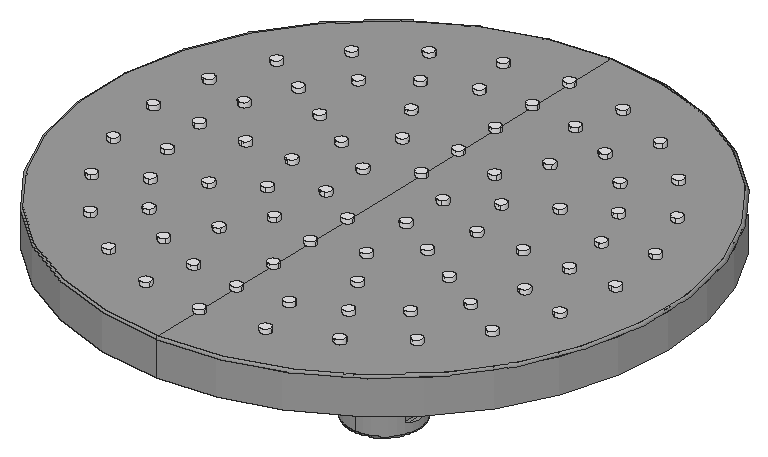
Revit family "Shower-Showerhead-KOHLER-Contemporary-K-13688", category Plumbing Fixtures, host Face, Revit 2015
Parameters (values of type "Not a Type - See Type Catalog")
  Width = 8"  # constant formula
  Waste Water Outlet = "Waste Water Outlet"  # constant formula
  Waste Connection = 1 = 0  # no
  Vent Connection = 1 = 0  # no
  URL = "https://www.us.kohler.com/us/"
  Type = 0
  Product Page URL = "http://www.us.kohler.com/us/catalog/productDetails.jsp?productNumber=13688-G"
  Product Name = "Contemporary"  # constant formula
  Product Documentation Link = "http://www.us.kohler.com/onlinecatalog/pdf/K-13688-G_spec.pdf"
  Pressure = 80.00 psi  # constant formula
  Panel Thickness = 0"
  Model = if(Type = 1, "K-13688-CP", if(Type = 2, "K-13688-SN", if(Type = 3, "K-13688-BGD", if(Type = 4, "K-13688-BN", if(Type = 5, "K-13688-BV", if(Type = 6, "K-13688-BL", if(Type = 7, "K-13688-RGD", if(Type = 8, "K-13688-TT", if(Type = 9, "K-13688-G-CP", if(Type = 10, "K-13688-G-SN", if(Type = 11, "K-13688-G-BGD", if(Type = 12, "K-13688-G-BN", if(Type = 13, "K-13688-G-BV", if(Type = 14, "K-13688-G-BL", if(Type = 15, "K-13688-G-TT", "NA")))))))))))))))  # "NA"
  Material = "Solid Brass Construction"  # constant formula
  MasterFormat 2004 = "22.41.23"  # constant formula
  MasterFormat 1995 = "15410"  # constant formula
  Manufacturer Address = "444 Highland Dr, Kohler, WI 53044"  # constant formula
  Manufacturer = "KOHLER Co."  # constant formula
  Length = 8"  # constant formula
  Tempered Water Inlet = "Tempered Water Inlet"  # constant formula
  Height = 2 3/4"  # constant formula
  HW Connection = 1 = 1  # yes
  Flow Rate = if(or(Type = 1, Type = 2, Type = 3, Type = 4, Type = 5, Type = 6, Type = 7, Type = 8), 2.5 GPM, if(or(Type = 9, Type = 10, Type = 11, Type = 12, Type = 13, Type = 14, Type = 15), 1.75 GPM, 0 GPM))  # 0 GPM
  Finish = Default
  Environmental Product Declaration = ""
  Drain Included = 1 = 0  # no
  Description = if(or(Type = 1, Type = 2, Type = 3, Type = 4, Type = 5, Type = 6, Type = 7, Type = 8), "8 inch Contemporary Round 2.5 gpm rainhead with Katalyst(r) air-induction technology", if(or(Type = 9, Type = 10, Type = 11, Type = 12, Type = 13, Type = 14, Type = 15), "8 inch Contemporary Round 1.75 gpm rainhead with Katalyst® air-induction technology", "NA"))  # "NA"
  Default Elevation = 0"
  Declare Label = ""
  Date Modified = "12/18/2018"  # constant formula
  Date Created = "12/18/2018"  # constant formula
  Copyright = "Copyright KOHLER Co."  # constant formula
  Contact Us = "https://www.us.kohler.com/us/static/contact.jsp"
  CW Connection = 1 = 0  # no
  Assembly Code = "D2010700"
  ADA Compliant = 1 = 0  # no
Reference planes (in)
  plane 1 "Center (Front/Back)": y = 0
  plane 2: z = 0
  plane 3 "Center (Left/Right)": x = 0
  plane 4: z = 2.75
  plane 5: x = -4
  plane 6: x = 4
  plane 7: y = 4
  plane 8: y = -4
Dimensions and locks (in)
  "Length": plane 5 to plane 6
  "Width": plane 8 to plane 7
  "Height": plane 4 to level
  aligned and locked: plane 2 to host face
  aligned and locked: level to host face
Automatic sketch dimensions
  host sketch curve to host sketch curve = 96"  (x2)
Nested families (in)
  nested 1: "K-13688" at (0, 0, 0), type "K-13688"
Connectors (in)
  piping at (0, 0, 0), diameter 0.5, driven by "HW Connection", driven by "Tempered Water Inlet", driven by "Flow Rate", driven by "Pressure"
    settings: on nested 1, index 1, connector inside diameter 24", connector length 0", flow factor 0, pipe flow 0 GPM, pressure drop 80.00 psi, fitting loss kfactor 0, connector angle 0.00°, fixture units 0, engagement length 0", angle of deflection 0.00°, flow configuration 1, flow direction 1, fitting loss method 4, system type 19, joint type 0, gender type 0, connector reference index -1, connector utility 1, adjustable connector no, is connector primary yes, connector description "Tempered Water Inlet"
Definition of nested family "K-13688"
  Parameters (values of type "K-13688")
    Material = none
  Reference planes (in)
    plane 1 "Center (Front/Back)": y = 0
    plane 2: z = 0
    plane 3 "Center (Left/Right)": x = 0
    plane 4: y = 4
    plane 5: y = -4
    plane 6: z = 2.75
    plane 7: x = 4
    plane 8: x = -4
  Forms (in)
    Revolve 1, solid, material <- "Material", detail levels medium+fine
      sketch origin (0, 0, 0) x (0, 1, 0) y (0, 0, 1)
        loop
          line (0, 2.75) -> (0, 0) -> (0.47485, 0)
          arc (0.47485, 0) -> (0.4891, 0.0059) -> (0.495, 0.02015) r 0.02015
          line (0.495, 0.02015) -> (0.495, 0.75118)
          arc (0.495, 0.75118) -> (0.45632, 0.87863) -> (0.35334, 0.96309) r 0.22933
          arc (0.35334, 0.96309) -> (0.31081, 1.01713) -> (0.33485, 1.08157) r 0.07021
          arc (0.33485, 1.08157) -> (0.39007, 1.13501) -> (0.43765, 1.19535) r 0.57372
          line (0.43765, 1.19535) -> (0.7185, 1.19535) -> (0.7185, 2.23889) -> (4, 2.23889) -> (4, 2.72031)
          arc (4, 2.72031) -> (3.9913, 2.7413) -> (3.97031, 2.75) r 0.02969
          line (3.97031, 2.75) -> (0, 2.75)
        axis (0, 2.75) -> (0, 0)
      angle from 0 to 360
    Extrusion 2, solid, detail levels medium+fine
      sketch origin (0, 0, 0) x (1, 0, 0) y (0, 1, 0)
        loop
          circle (0, 0.64924) r 0.07282
        loop
          circle (0, 1.29878) r 0.07282
        loop
          circle (0, 1.94868) r 0.07282
        loop
          circle (0, 2.59859) r 0.07282
        loop
          circle (0, 3.248) r 0.07282
        loop
          circle (1.12478, 0.64939) r 0.07282
        loop
          circle (1.68761, 0.97434) r 0.07282
        loop
          circle (0.64939, 1.12478) r 0.07282
        loop
          circle (0.97434, 1.68761) r 0.07282
        loop
          circle (0.67256, 2.51004) r 0.07282
        loop
          circle (0.84064, 3.13733) r 0.07282
        loop
          circle (1.29929, 2.25044) r 0.07282
        loop
          circle (1.624, 2.81285) r 0.07282
        loop
          circle (1.83748, 1.83748) r 0.07282
        loop
          circle (2.29668, 2.29668) r 0.07282
        loop
          circle (2.25044, 1.29929) r 0.07282
        loop
          circle (2.81285, 1.624) r 0.07282
        loop
          circle (2.51004, 0.67256) r 0.07282
        loop
          circle (3.13733, 0.84064) r 0.07282
        loop
          circle (1.29878, 0) r 0.07282
        loop
          circle (1.94868, 0) r 0.07282
        loop
          circle (2.59859, 0) r 0.07282
        loop
          circle (3.248, 0) r 0.07282
        loop
          circle (0.64939, -1.12478) r 0.07282
        loop
          circle (0.97434, -1.68761) r 0.07282
        loop
          circle (1.12478, -0.64939) r 0.07282
        loop
          circle (1.68761, -0.97434) r 0.07282
        loop
          circle (2.51004, -0.67256) r 0.07282
        loop
          circle (3.13733, -0.84064) r 0.07282
        loop
          circle (2.25044, -1.29929) r 0.07282
        loop
          circle (2.81285, -1.624) r 0.07282
        loop
          circle (1.83748, -1.83748) r 0.07282
        loop
          circle (2.29668, -2.29668) r 0.07282
        loop
          circle (1.29929, -2.25044) r 0.07282
        loop
          circle (1.624, -2.81285) r 0.07282
        loop
          circle (0.67256, -2.51004) r 0.07282
        loop
          circle (0.84064, -3.13733) r 0.07282
        loop
          circle (0, -0.64924) r 0.07282
        loop
          circle (0, -1.29878) r 0.07282
        loop
          circle (0, -1.94868) r 0.07282
        loop
          circle (0, -2.59859) r 0.07282
        loop
          circle (0, -3.248) r 0.07282
        loop
          circle (-1.12478, -0.64939) r 0.07282
        loop
          circle (-1.68761, -0.97434) r 0.07282
        loop
          circle (-0.64939, -1.12478) r 0.07282
        loop
          circle (-0.97434, -1.68761) r 0.07282
        loop
          circle (-0.67256, -2.51004) r 0.07282
        loop
          circle (-0.84064, -3.13733) r 0.07282
        loop
          circle (-1.29929, -2.25044) r 0.07282
        loop
          circle (-1.624, -2.81285) r 0.07282
        loop
          circle (-1.83748, -1.83748) r 0.07282
        loop
          circle (-2.29668, -2.29668) r 0.07282
        loop
          circle (-2.25044, -1.29929) r 0.07282
        loop
          circle (-2.81285, -1.624) r 0.07282
        loop
          circle (-2.51004, -0.67256) r 0.07282
        loop
          circle (-3.13733, -0.84064) r 0.07282
        loop
          circle (-1.29878, 0) r 0.07282
        loop
          circle (-1.94868, 0) r 0.07282
        loop
          circle (-2.59859, 0) r 0.07282
        loop
          circle (-3.248, 0) r 0.07282
        loop
          circle (-0.64939, 1.12478) r 0.07282
        loop
          circle (-0.97434, 1.68761) r 0.07282
        loop
          circle (-1.12478, 0.64939) r 0.07282
        loop
          circle (-1.68761, 0.97434) r 0.07282
        loop
          circle (-2.51004, 0.67256) r 0.07282
        loop
          circle (-3.13733, 0.84064) r 0.07282
        loop
          circle (-2.25044, 1.29929) r 0.07282
        loop
          circle (-2.81285, 1.624) r 0.07282
        loop
          circle (-1.83748, 1.83748) r 0.07282
        loop
          circle (-2.29668, 2.29668) r 0.07282
        loop
          circle (-1.29929, 2.25044) r 0.07282
        loop
          circle (-1.624, 2.81285) r 0.07282
        loop
          circle (-0.67256, 2.51004) r 0.07282
        loop
          circle (-0.84064, 3.13733) r 0.07282
        loop
          circle (0.56226, 0.32462) r 0.07282
        loop
          circle (-0.56226, -0.32462) r 0.07282
        loop
          circle (0.56226, -0.32462) r 0.07282
        loop
          circle (-0.56226, 0.32462) r 0.07282
      from 2.65228 to 2.80066
    Extrusion 3, void
      sketch origin (0, 0, 0) x (1, 0, 0) y (0, 0, 1)
        loop
          line (-0.45418, 0.93137) -> (-0.58419, 0.93137) -> (-0.58419, 0.11073) -> (-0.5097, 0.11073) -> (-0.46565, 0.15477)
          arc (-0.46565, 0.15477) -> (-0.45716, 0.16748) -> (-0.45418, 0.18247) r 0.03917
          line (-0.45418, 0.18247) -> (-0.45418, 0.93137)
      from -0.35433 to 0.35433
    Extrusion 4, void
      sketch origin (0, 0, 0) x (-1, 0, 0) y (0, 0, -1)
        loop
          line (-0.45418, -0.93137) -> (-0.45418, -0.18247)
          arc (-0.45418, -0.18247) -> (-0.45716, -0.16748) -> (-0.46565, -0.15477) r 0.03917
          line (-0.46565, -0.15477) -> (-0.5097, -0.11073) -> (-0.58419, -0.11073) -> (-0.58419, -0.93137) -> (-0.45418, -0.93137)
      from -0.35433 to 0.35433
    Extrusion 5, void
      sketch origin (0, 0, 0) x (0, 1, 0) y (0, 0, 1)
        loop
          line (0.68898, 1.6678) -> (0.68898, 1.15585) -> (0.76247, 1.15585) -> (0.76247, 1.6678) -> (0.68898, 1.6678)
      from -0.47983 to 0.51564
    Extrusion 6, void
      sketch origin (0, 0, 0) x (0, -1, 0) y (0, 0, -1)
        loop
          line (0.68898, -1.6678) -> (0.76247, -1.6678) -> (0.76247, -1.15585) -> (0.68898, -1.15585) -> (0.68898, -1.6678)
      from -0.47983 to 0.51564
    Revolve 7, solid, material <- "Material", detail levels coarse
      sketch origin (0, 0, 0) x (1, 0, 0) y (0, 0, 1)
        loop
          line (-0.7185, 2.23889) -> (-0.7185, 1.19535) -> (-0.495, 1.19535) -> (-0.495, 0) -> (0, 0) -> (0, 2.75) -> (-4, 2.75) -> (-4, 2.23889) -> (-0.7185, 2.23889)
        axis (0, 2.75) -> (0, 0)
      angle from 0 to 360
    Extrusion 8, solid, material <- "Material", detail levels medium+fine
      sketch origin (0, 0, 0) x (1, 0, 0) y (0, 1, 0)
        loop
          circle (0, 0) r 0.25
      from 0 to 0.0846
  Cuts and joins
    Extrusion 3, Extrusion 4, Extrusion 5, Extrusion 6 cuts Revolve 1
  Lines and regions (in)
    Masking region 1
      outline origin (0, 0, 0) x (1, 0, 0) y (0, 1, 0)
        loop
          circle (0, 0) r 4
    Masking region 2
      outline origin (0, 0, 0) x (0, 1, 0) y (0, 0, 1)
        loop
          arc (0.47485, 0) -> (0.4891, 0.0059) -> (0.495, 0.02015) r 0.02015
          line (0.495, 0.02015) -> (0.495, 0.75118)
          arc (0.495, 0.75118) -> (0.45632, 0.87863) -> (0.35334, 0.96309) r 0.22933
          arc (0.35334, 0.96309) -> (0.31081, 1.01713) -> (0.33485, 1.08157) r 0.07021
          arc (0.33485, 1.08157) -> (0.39007, 1.13501) -> (0.43765, 1.19535) r 0.57372
          line (0.43765, 1.19535) -> (0.68733, 1.19535) -> (0.68733, 1.6678) -> (0.7185, 1.6678) -> (0.7185, 2.23889) -> (4, 2.23889) -> (4, 2.72031)
          arc (4, 2.72031) -> (3.9913, 2.7413) -> (3.97031, 2.75) r 0.02969
          line (3.97031, 2.75) -> (3.32082, 2.75) -> (3.32082, 2.80066) -> (3.06451, 2.80066) -> (3.06451, 2.75) -> (2.88567, 2.75) -> (2.88567, 2.80066) -> (2.74003, 2.80066) -> (2.74003, 2.75) -> (2.6714, 2.75) -> (2.6714, 2.80066) -> (2.43722, 2.80066) -> (2.43722, 2.75) -> (2.3695, 2.75) -> (2.3695, 2.80066) -> (2.17762, 2.80066) -> (2.17762, 2.75) -> (2.0215, 2.75) -> (2.0215, 2.80066) -> (1.55118, 2.80066) -> (1.55118, 2.75) -> (1.37211, 2.75) -> (1.37211, 2.80066) -> (1.22987, 2.80066) -> (1.22987, 2.75) -> (1.19759, 2.75) -> (1.19759, 2.80066) -> (0.77662, 2.80066) -> (0.77662, 2.75) -> (0.74538, 2.75) -> (0.74538, 2.80066) -> (0.48944, 2.80066) -> (0.48944, 2.75) -> (0.39744, 2.75) -> (0.39744, 2.80066) -> (0.2518, 2.80066) -> (0.2518, 2.75) -> (0.07282, 2.75) -> (0.07282, 2.80066) -> (-0.07282, 2.80066) -> (-0.07282, 2.75) -> (-0.2518, 2.75) -> (-0.2518, 2.80066) -> (-0.39744, 2.80066) -> (-0.39744, 2.75) -> (-0.48944, 2.75) -> (-0.48944, 2.80066) -> (-0.74538, 2.80066) -> (-0.74538, 2.75) -> (-0.77662, 2.75) -> (-0.77662, 2.80066) -> (-1.19759, 2.80066) -> (-1.19759, 2.75) -> (-1.22987, 2.75) -> (-1.22987, 2.80066) -> (-1.37211, 2.80066) -> (-1.37211, 2.75) -> (-1.55118, 2.75) -> (-1.55118, 2.80066) -> (-2.0215, 2.80066) -> (-2.0215, 2.75) -> (-2.17762, 2.75) -> (-2.17762, 2.80066) -> (-2.3695, 2.80066) -> (-2.3695, 2.75) -> (-2.43722, 2.75) -> (-2.43722, 2.80066) -> (-2.6714, 2.80066) -> (-2.6714, 2.75) -> (-2.74003, 2.75) -> (-2.74003, 2.80066) -> (-2.88567, 2.80066) -> (-2.88567, 2.75) -> (-3.06451, 2.75) -> (-3.06451, 2.80066) -> (-3.32082, 2.80066) -> (-3.32082, 2.75) -> (-3.97031, 2.75)
          arc (-3.97031, 2.75) -> (-3.9913, 2.7413) -> (-4, 2.72031) r 0.02969
          line (-4, 2.72031) -> (-4, 2.23889) -> (-0.7185, 2.23889) -> (-0.7185, 1.6678) -> (-0.68733, 1.6678) -> (-0.68733, 1.19535) -> (-0.43765, 1.19535)
          arc (-0.43765, 1.19535) -> (-0.39007, 1.13501) -> (-0.33485, 1.08157) r 0.57372
          arc (-0.33485, 1.08157) -> (-0.31081, 1.01713) -> (-0.35334, 0.96309) r 0.07021
          arc (-0.35334, 0.96309) -> (-0.45632, 0.87863) -> (-0.495, 0.75118) r 0.22933
          line (-0.495, 0.75118) -> (-0.495, 0.02015)
          arc (-0.495, 0.02015) -> (-0.4891, 0.0059) -> (-0.47485, 0) r 0.02015
          line (-0.47485, 0) -> (0.47485, 0)
    Masking region 3
      outline origin (0, 0, 0) x (1, 0, 0) y (0, 0, 1)
        loop
          line (-0.47485, 0) -> (0.47485, 0)
          arc (0.47485, 0) -> (0.4891, 0.0059) -> (0.495, 0.02015) r 0.02015
          line (0.495, 0.02015) -> (0.495, 0.12542) -> (0.46511, 0.15532)
          spline (0.46511, 0.15532) -> (0.46387, 0.1561) -> (0.46265, 0.1572) -> (0.46148, 0.15859) -> (0.46036, 0.16028) -> (0.45929, 0.16224) -> (0.4583, 0.16445) -> (0.45738, 0.16691) -> (0.45654, 0.16958) -> (0.4558, 0.17245) -> (0.45515, 0.17549) -> (0.45461, 0.17868) -> (0.45418, 0.18198)
          line (0.45418, 0.18198) -> (0.45418, 0.88178)
          arc (0.45418, 0.88178) -> (0.40962, 0.9297) -> (0.35334, 0.96309) r 0.22933
          arc (0.35334, 0.96309) -> (0.31081, 1.01713) -> (0.33485, 1.08157) r 0.07021
          arc (0.33485, 1.08157) -> (0.39007, 1.13501) -> (0.43765, 1.19535) r 0.57372
          line (0.43765, 1.19535) -> (0.7185, 1.19535) -> (0.7185, 2.23889) -> (4, 2.23889) -> (4, 2.72031)
          arc (4, 2.72031) -> (3.9913, 2.7413) -> (3.97031, 2.75) r 0.02969
          line (3.97031, 2.75) -> (3.32082, 2.75) -> (3.32082, 2.80066) -> (3.06451, 2.80066) -> (3.06451, 2.75) -> (2.88567, 2.75) -> (2.88567, 2.80066) -> (2.74003, 2.80066) -> (2.74003, 2.75) -> (2.6714, 2.75) -> (2.6714, 2.80066) -> (2.43722, 2.80066) -> (2.43722, 2.75) -> (2.3695, 2.75) -> (2.3695, 2.80066) -> (2.17762, 2.80066) -> (2.17762, 2.75) -> (2.0215, 2.75) -> (2.0215, 2.80066) -> (1.55118, 2.80066) -> (1.55118, 2.75) -> (1.37211, 2.75) -> (1.37211, 2.80066) -> (1.22987, 2.80066) -> (1.22987, 2.75) -> (1.19759, 2.75) -> (1.19759, 2.80066) -> (0.77662, 2.80066) -> (0.77662, 2.75) -> (0.74538, 2.75) -> (0.74538, 2.80066) -> (0.48944, 2.80066) -> (0.48944, 2.75) -> (0.07282, 2.75) -> (0.07282, 2.80066) -> (-0.07282, 2.80066) -> (-0.07282, 2.75) -> (-0.48944, 2.75) -> (-0.48944, 2.80066) -> (-0.74538, 2.80066) -> (-0.74538, 2.75) -> (-0.77662, 2.75) -> (-0.77662, 2.80066) -> (-1.19759, 2.80066) -> (-1.19759, 2.75) -> (-1.22987, 2.75) -> (-1.22987, 2.80066) -> (-1.37211, 2.80066) -> (-1.37211, 2.75) -> (-1.55118, 2.75) -> (-1.55118, 2.80066) -> (-2.0215, 2.80066) -> (-2.0215, 2.75) -> (-2.17762, 2.75) -> (-2.17762, 2.80066) -> (-2.3695, 2.80066) -> (-2.3695, 2.75) -> (-2.43722, 2.75) -> (-2.43722, 2.80066) -> (-2.6714, 2.80066) -> (-2.6714, 2.75) -> (-2.74003, 2.75) -> (-2.74003, 2.80066) -> (-2.88567, 2.80066) -> (-2.88567, 2.75) -> (-3.06451, 2.75) -> (-3.06451, 2.80066) -> (-3.32082, 2.80066) -> (-3.32082, 2.75) -> (-3.97031, 2.75)
          arc (-3.97031, 2.75) -> (-3.9913, 2.7413) -> (-4, 2.72031) r 0.02969
          line (-4, 2.72031) -> (-4, 2.23889) -> (-0.7185, 2.23889) -> (-0.7185, 1.19535) -> (-0.43765, 1.19535)
          arc (-0.43765, 1.19535) -> (-0.39007, 1.13501) -> (-0.33485, 1.08157) r 0.57372
          arc (-0.33485, 1.08157) -> (-0.31081, 1.01713) -> (-0.35334, 0.96309) r 0.07021
          arc (-0.35334, 0.96309) -> (-0.40962, 0.9297) -> (-0.45418, 0.88178) r 0.22933
          line (-0.45418, 0.88178) -> (-0.45418, 0.18198)
          spline (-0.45418, 0.18198) -> (-0.45461, 0.17868) -> (-0.45515, 0.17549) -> (-0.4558, 0.17245) -> (-0.45654, 0.16958) -> (-0.45738, 0.16691) -> (-0.4583, 0.16445) -> (-0.45929, 0.16224) -> (-0.46036, 0.16028) -> (-0.46148, 0.15859) -> (-0.46265, 0.1572) -> (-0.46387, 0.1561) -> (-0.46511, 0.15532)
          line (-0.46511, 0.15532) -> (-0.495, 0.12542) -> (-0.495, 0.02015)
          arc (-0.495, 0.02015) -> (-0.4891, 0.0059) -> (-0.47485, 0) r 0.02015
    symbolic lines, detail levels medium+fine
      curve 1: arc (0.07282, 3.248, 0) -> (0, 3.32082, 0) -> (-0.07282, 3.248, 0) r 0.07282
      curve 2: arc (-0.07282, 3.248, 0) -> (0, 3.17518, 0) -> (0.07282, 3.248, 0) r 0.07282
      curve 3: arc (-0.77031, 3.15617, 0) -> (-0.85949, 3.20766, 0) -> (-0.91098, 3.11848, 0) r 0.07282
      curve 4: arc (-0.91098, 3.11848, 0) -> (-0.8218, 3.06699, 0) -> (-0.77031, 3.15617, 0) r 0.07282
      curve 5: arc (-1.56094, 2.84926, 0) -> (-1.66041, 2.87591, 0) -> (-1.68706, 2.77644, 0) r 0.07282
      curve 6: arc (-1.68706, 2.77644, 0) -> (-1.58759, 2.74979, 0) -> (-1.56094, 2.84926, 0) r 0.07282
      curve 7: arc (-2.34817, 2.24519, 0) -> (-2.24519, 2.24519, 0) -> (-2.24519, 2.34817, 0) r 0.07282
      curve 8: arc (-2.24519, 2.34817, 0) -> (-2.34817, 2.34817, 0) -> (-2.34817, 2.24519, 0) r 0.07282
      curve 9: arc (-2.84926, 1.56094, 0) -> (-2.74979, 1.58759, 0) -> (-2.77644, 1.68706, 0) r 0.07282
      curve 10: arc (-2.77644, 1.68706, 0) -> (-2.87591, 1.66041, 0) -> (-2.84926, 1.56094, 0) r 0.07282
      curve 11: arc (-3.15617, 0.77031, 0) -> (-3.06699, 0.8218, 0) -> (-3.11848, 0.91098, 0) r 0.07282
      curve 12: arc (-3.11848, 0.91098, 0) -> (-3.20766, 0.85949, 0) -> (-3.15617, 0.77031, 0) r 0.07282
      curve 13: arc (-2.52889, 0.60223, 0) -> (-2.43971, 0.65372, 0) -> (-2.4912, 0.7429, 0) r 0.07282
      curve 14: arc (-2.4912, 0.7429, 0) -> (-2.58038, 0.69141, 0) -> (-2.52889, 0.60223, 0) r 0.07282
      curve 15: arc (-2.28685, 1.23623, 0) -> (-2.18738, 1.26288, 0) -> (-2.21403, 1.36235, 0) r 0.07282
      curve 16: arc (-2.21403, 1.36235, 0) -> (-2.3135, 1.3357, 0) -> (-2.28685, 1.23623, 0) r 0.07282
      curve 17: arc (-1.78599, 1.88897, 0) -> (-1.88897, 1.88897, 0) -> (-1.88897, 1.78599, 0) r 0.07282
      curve 18: arc (-1.88897, 1.78599, 0) -> (-1.78599, 1.78599, 0) -> (-1.78599, 1.88897, 0) r 0.07282
      curve 19: arc (-1.36235, 2.21403, 0) -> (-1.26288, 2.18738, 0) -> (-1.23623, 2.28685, 0) r 0.07282
      curve 20: arc (-1.23623, 2.28685, 0) -> (-1.3357, 2.3135, 0) -> (-1.36235, 2.21403, 0) r 0.07282
      curve 21: arc (-0.7429, 2.4912, 0) -> (-0.65372, 2.43971, 0) -> (-0.60223, 2.52889, 0) r 0.07282
      curve 22: arc (-0.60223, 2.52889, 0) -> (-0.69141, 2.58038, 0) -> (-0.7429, 2.4912, 0) r 0.07282
      curve 23: arc (-0.07282, 2.59859, 0) -> (0, 2.52577, 0) -> (0.07282, 2.59859, 0) r 0.07282
      curve 24: arc (0.07282, 2.59859, 0) -> (0, 2.6714, 0) -> (-0.07282, 2.59859, 0) r 0.07282
      curve 25: arc (0.07282, 1.94868, 0) -> (0, 2.0215, 0) -> (-0.07282, 1.94868, 0) r 0.07282
      curve 26: arc (-0.07282, 1.94868, 0) -> (0, 1.87587, 0) -> (0.07282, 1.94868, 0) r 0.07282
      curve 27: arc (-1.0374, 1.6512, 0) -> (-0.93793, 1.62455, 0) -> (-0.91128, 1.72402, 0) r 0.07282
      curve 28: arc (-0.91128, 1.72402, 0) -> (-1.01075, 1.75067, 0) -> (-1.0374, 1.6512, 0) r 0.07282
      curve 29: arc (-1.72402, 0.91128, 0) -> (-1.62455, 0.93793, 0) -> (-1.6512, 1.0374, 0) r 0.07282
      curve 30: arc (-1.6512, 1.0374, 0) -> (-1.75067, 1.01075, 0) -> (-1.72402, 0.91128, 0) r 0.07282
      curve 31: arc (-1.08837, 0.71245, 0) -> (-1.18784, 0.6858, 0) -> (-1.16119, 0.58633, 0) r 0.07282
      curve 32: arc (-1.16119, 0.58633, 0) -> (-1.06172, 0.61298, 0) -> (-1.08837, 0.71245, 0) r 0.07282
      curve 33: arc (-0.71245, 1.08837, 0) -> (-0.61298, 1.06172, 0) -> (-0.58633, 1.16119, 0) r 0.07282
      curve 34: arc (-0.58633, 1.16119, 0) -> (-0.6858, 1.18784, 0) -> (-0.71245, 1.08837, 0) r 0.07282
      curve 35: arc (-0.07282, 1.29878, 0) -> (0, 1.22596, 0) -> (0.07282, 1.29878, 0) r 0.07282
      curve 36: arc (0.07282, 1.29878, 0) -> (0, 1.3716, 0) -> (-0.07282, 1.29878, 0) r 0.07282
      curve 37: arc (0.07282, 0.64924, 0) -> (0, 0.72206, 0) -> (-0.07282, 0.64924, 0) r 0.07282
      curve 38: arc (-0.07282, 0.64924, 0) -> (0, 0.57642, 0) -> (0.07282, 0.64924, 0) r 0.07282
      curve 39: arc (-0.59867, 0.26156, 0) -> (-0.4992, 0.28821, 0) -> (-0.52585, 0.38768, 0) r 0.07282
      curve 40: arc (-0.52585, 0.38768, 0) -> (-0.62532, 0.36103, 0) -> (-0.59867, 0.26156, 0) r 0.07282
      curve 41: arc (-0.52585, -0.38768, 0) -> (-0.4992, -0.28821, 0) -> (-0.59867, -0.26156, 0) r 0.07282
      curve 42: arc (-0.59867, -0.26156, 0) -> (-0.62532, -0.36103, 0) -> (-0.52585, -0.38768, 0) r 0.07282
      curve 43: arc (-3.248, 0.07282, 0) -> (-3.32082, 0, 0) -> (-3.248, -0.07282, 0) r 0.07282
      curve 44: arc (-3.248, -0.07282, 0) -> (-3.17518, 0, 0) -> (-3.248, 0.07282, 0) r 0.07282
      curve 45: arc (-3.15617, -0.77031, 0) -> (-3.20766, -0.85949, 0) -> (-3.11848, -0.91098, 0) r 0.07282
      curve 46: arc (-3.11848, -0.91098, 0) -> (-3.06699, -0.8218, 0) -> (-3.15617, -0.77031, 0) r 0.07282
      curve 47: arc (-2.84926, -1.56094, 0) -> (-2.87591, -1.66041, 0) -> (-2.77644, -1.68706, 0) r 0.07282
      curve 48: arc (-2.77644, -1.68706, 0) -> (-2.74979, -1.58759, 0) -> (-2.84926, -1.56094, 0) r 0.07282
      curve 49: arc (-2.24519, -2.34817, 0) -> (-2.24519, -2.24519, 0) -> (-2.34817, -2.24519, 0) r 0.07282
      curve 50: arc (-2.34817, -2.24519, 0) -> (-2.34817, -2.34817, 0) -> (-2.24519, -2.34817, 0) r 0.07282
      curve 51: arc (-1.56094, -2.84926, 0) -> (-1.58759, -2.74979, 0) -> (-1.68706, -2.77644, 0) r 0.07282
      curve 52: arc (-1.68706, -2.77644, 0) -> (-1.66041, -2.87591, 0) -> (-1.56094, -2.84926, 0) r 0.07282
      curve 53: arc (-0.77031, -3.15617, 0) -> (-0.8218, -3.06699, 0) -> (-0.91098, -3.11848, 0) r 0.07282
      curve 54: arc (-0.91098, -3.11848, 0) -> (-0.85949, -3.20766, 0) -> (-0.77031, -3.15617, 0) r 0.07282
      curve 55: arc (-0.60223, -2.52889, 0) -> (-0.65372, -2.43971, 0) -> (-0.7429, -2.4912, 0) r 0.07282
      curve 56: arc (-0.7429, -2.4912, 0) -> (-0.69141, -2.58038, 0) -> (-0.60223, -2.52889, 0) r 0.07282
      curve 57: arc (-1.23623, -2.28685, 0) -> (-1.26288, -2.18738, 0) -> (-1.36235, -2.21403, 0) r 0.07282
      curve 58: arc (-1.36235, -2.21403, 0) -> (-1.3357, -2.3135, 0) -> (-1.23623, -2.28685, 0) r 0.07282
      curve 59: arc (-1.88897, -1.78599, 0) -> (-1.88897, -1.88897, 0) -> (-1.78599, -1.88897, 0) r 0.07282
      curve 60: arc (-1.78599, -1.88897, 0) -> (-1.78599, -1.78599, 0) -> (-1.88897, -1.78599, 0) r 0.07282
      curve 61: arc (-2.21403, -1.36235, 0) -> (-2.18738, -1.26288, 0) -> (-2.28685, -1.23623, 0) r 0.07282
      curve 62: arc (-2.28685, -1.23623, 0) -> (-2.3135, -1.3357, 0) -> (-2.21403, -1.36235, 0) r 0.07282
      curve 63: arc (-2.4912, -0.7429, 0) -> (-2.43971, -0.65372, 0) -> (-2.52889, -0.60223, 0) r 0.07282
      curve 64: arc (-2.52889, -0.60223, 0) -> (-2.58038, -0.69141, 0) -> (-2.4912, -0.7429, 0) r 0.07282
      curve 65: arc (-2.59859, -0.07282, 0) -> (-2.52577, 0, 0) -> (-2.59859, 0.07282, 0) r 0.07282
      curve 66: arc (-2.59859, 0.07282, 0) -> (-2.6714, 0, 0) -> (-2.59859, -0.07282, 0) r 0.07282
      curve 67: arc (-1.94868, 0.07282, 0) -> (-2.0215, 0, 0) -> (-1.94868, -0.07282, 0) r 0.07282
      curve 68: arc (-1.94868, -0.07282, 0) -> (-1.87587, 0, 0) -> (-1.94868, 0.07282, 0) r 0.07282
      curve 69: arc (-1.6512, -1.0374, 0) -> (-1.62455, -0.93793, 0) -> (-1.72402, -0.91128, 0) r 0.07282
      curve 70: arc (-1.72402, -0.91128, 0) -> (-1.75067, -1.01075, 0) -> (-1.6512, -1.0374, 0) r 0.07282
      curve 71: arc (-0.91128, -1.72402, 0) -> (-0.93793, -1.62455, 0) -> (-1.0374, -1.6512, 0) r 0.07282
      curve 72: arc (-1.0374, -1.6512, 0) -> (-1.01075, -1.75067, 0) -> (-0.91128, -1.72402, 0) r 0.07282
      curve 73: arc (-0.71245, -1.08837, 0) -> (-0.6858, -1.18784, 0) -> (-0.58633, -1.16119, 0) r 0.07282
      curve 74: arc (-0.58633, -1.16119, 0) -> (-0.61298, -1.06172, 0) -> (-0.71245, -1.08837, 0) r 0.07282
      curve 75: arc (-1.08837, -0.71245, 0) -> (-1.06172, -0.61298, 0) -> (-1.16119, -0.58633, 0) r 0.07282
      curve 76: arc (-1.16119, -0.58633, 0) -> (-1.18784, -0.6858, 0) -> (-1.08837, -0.71245, 0) r 0.07282
      curve 77: arc (-1.29878, -0.07282, 0) -> (-1.22596, 0, 0) -> (-1.29878, 0.07282, 0) r 0.07282
      curve 78: arc (-1.29878, 0.07282, 0) -> (-1.3716, 0, 0) -> (-1.29878, -0.07282, 0) r 0.07282
      curve 79: arc (0.77031, 3.15617, 0) -> (0.85949, 3.20766, 0) -> (0.91098, 3.11848, 0) r 0.07282
      curve 80: arc (0.91098, 3.11848, 0) -> (0.8218, 3.06699, 0) -> (0.77031, 3.15617, 0) r 0.07282
      curve 81: arc (1.56094, 2.84926, 0) -> (1.66041, 2.87591, 0) -> (1.68706, 2.77644, 0) r 0.07282
      curve 82: arc (1.68706, 2.77644, 0) -> (1.58759, 2.74979, 0) -> (1.56094, 2.84926, 0) r 0.07282
      curve 83: arc (2.34817, 2.24519, 0) -> (2.24519, 2.24519, 0) -> (2.24519, 2.34817, 0) r 0.07282
      curve 84: arc (2.24519, 2.34817, 0) -> (2.34817, 2.34817, 0) -> (2.34817, 2.24519, 0) r 0.07282
      curve 85: arc (2.84926, 1.56094, 0) -> (2.74979, 1.58759, 0) -> (2.77644, 1.68706, 0) r 0.07282
      curve 86: arc (2.77644, 1.68706, 0) -> (2.87591, 1.66041, 0) -> (2.84926, 1.56094, 0) r 0.07282
      curve 87: arc (3.15617, 0.77031, 0) -> (3.06699, 0.8218, 0) -> (3.11848, 0.91098, 0) r 0.07282
      curve 88: arc (3.11848, 0.91098, 0) -> (3.20766, 0.85949, 0) -> (3.15617, 0.77031, 0) r 0.07282
      curve 89: arc (2.52889, 0.60223, 0) -> (2.43971, 0.65372, 0) -> (2.4912, 0.7429, 0) r 0.07282
      curve 90: arc (2.4912, 0.7429, 0) -> (2.58038, 0.69141, 0) -> (2.52889, 0.60223, 0) r 0.07282
      curve 91: arc (2.28685, 1.23623, 0) -> (2.18738, 1.26288, 0) -> (2.21403, 1.36235, 0) r 0.07282
      curve 92: arc (2.21403, 1.36235, 0) -> (2.3135, 1.3357, 0) -> (2.28685, 1.23623, 0) r 0.07282
      curve 93: arc (1.78599, 1.88897, 0) -> (1.88897, 1.88897, 0) -> (1.88897, 1.78599, 0) r 0.07282
      curve 94: arc (1.88897, 1.78599, 0) -> (1.78599, 1.78599, 0) -> (1.78599, 1.88897, 0) r 0.07282
      curve 95: arc (1.36235, 2.21403, 0) -> (1.26288, 2.18738, 0) -> (1.23623, 2.28685, 0) r 0.07282
      curve 96: arc (1.23623, 2.28685, 0) -> (1.3357, 2.3135, 0) -> (1.36235, 2.21403, 0) r 0.07282
      curve 97: arc (0.7429, 2.4912, 0) -> (0.65372, 2.43971, 0) -> (0.60223, 2.52889, 0) r 0.07282
      curve 98: arc (0.60223, 2.52889, 0) -> (0.69141, 2.58038, 0) -> (0.7429, 2.4912, 0) r 0.07282
      curve 99: arc (1.0374, 1.6512, 0) -> (0.93793, 1.62455, 0) -> (0.91128, 1.72402, 0) r 0.07282
      curve 100: arc (0.91128, 1.72402, 0) -> (1.01075, 1.75067, 0) -> (1.0374, 1.6512, 0) r 0.07282
      curve 101: arc (1.72402, 0.91128, 0) -> (1.62455, 0.93793, 0) -> (1.6512, 1.0374, 0) r 0.07282
      curve 102: arc (1.6512, 1.0374, 0) -> (1.75067, 1.01075, 0) -> (1.72402, 0.91128, 0) r 0.07282
      curve 103: arc (1.08837, 0.71245, 0) -> (1.18784, 0.6858, 0) -> (1.16119, 0.58633, 0) r 0.07282
      curve 104: arc (1.16119, 0.58633, 0) -> (1.06172, 0.61298, 0) -> (1.08837, 0.71245, 0) r 0.07282
      curve 105: arc (0.71245, 1.08837, 0) -> (0.61298, 1.06172, 0) -> (0.58633, 1.16119, 0) r 0.07282
      curve 106: arc (0.58633, 1.16119, 0) -> (0.6858, 1.18784, 0) -> (0.71245, 1.08837, 0) r 0.07282
      curve 107: arc (0.59867, 0.26156, 0) -> (0.4992, 0.28821, 0) -> (0.52585, 0.38768, 0) r 0.07282
      curve 108: arc (0.52585, 0.38768, 0) -> (0.62532, 0.36103, 0) -> (0.59867, 0.26156, 0) r 0.07282
      curve 109: arc (0.52585, -0.38768, 0) -> (0.4992, -0.28821, 0) -> (0.59867, -0.26156, 0) r 0.07282
      curve 110: arc (0.59867, -0.26156, 0) -> (0.62532, -0.36103, 0) -> (0.52585, -0.38768, 0) r 0.07282
      curve 111: arc (3.248, 0.07282, 0) -> (3.32082, 0, 0) -> (3.248, -0.07282, 0) r 0.07282
      curve 112: arc (3.248, -0.07282, 0) -> (3.17518, 0, 0) -> (3.248, 0.07282, 0) r 0.07282
      curve 113: arc (3.15617, -0.77031, 0) -> (3.20766, -0.85949, 0) -> (3.11848, -0.91098, 0) r 0.07282
      curve 114: arc (3.11848, -0.91098, 0) -> (3.06699, -0.8218, 0) -> (3.15617, -0.77031, 0) r 0.07282
      curve 115: arc (2.84926, -1.56094, 0) -> (2.87591, -1.66041, 0) -> (2.77644, -1.68706, 0) r 0.07282
      curve 116: arc (2.77644, -1.68706, 0) -> (2.74979, -1.58759, 0) -> (2.84926, -1.56094, 0) r 0.07282
      curve 117: arc (2.24519, -2.34817, 0) -> (2.24519, -2.24519, 0) -> (2.34817, -2.24519, 0) r 0.07282
      curve 118: arc (2.34817, -2.24519, 0) -> (2.34817, -2.34817, 0) -> (2.24519, -2.34817, 0) r 0.07282
      curve 119: arc (1.56094, -2.84926, 0) -> (1.58759, -2.74979, 0) -> (1.68706, -2.77644, 0) r 0.07282
      curve 120: arc (1.68706, -2.77644, 0) -> (1.66041, -2.87591, 0) -> (1.56094, -2.84926, 0) r 0.07282
      curve 121: arc (0.77031, -3.15617, 0) -> (0.8218, -3.06699, 0) -> (0.91098, -3.11848, 0) r 0.07282
      curve 122: arc (0.91098, -3.11848, 0) -> (0.85949, -3.20766, 0) -> (0.77031, -3.15617, 0) r 0.07282
      curve 123: arc (0.60223, -2.52889, 0) -> (0.65372, -2.43971, 0) -> (0.7429, -2.4912, 0) r 0.07282
      curve 124: arc (0.7429, -2.4912, 0) -> (0.69141, -2.58038, 0) -> (0.60223, -2.52889, 0) r 0.07282
      curve 125: arc (1.23623, -2.28685, 0) -> (1.26288, -2.18738, 0) -> (1.36235, -2.21403, 0) r 0.07282
      curve 126: arc (1.36235, -2.21403, 0) -> (1.3357, -2.3135, 0) -> (1.23623, -2.28685, 0) r 0.07282
      curve 127: arc (1.88897, -1.78599, 0) -> (1.88897, -1.88897, 0) -> (1.78599, -1.88897, 0) r 0.07282
      curve 128: arc (1.78599, -1.88897, 0) -> (1.78599, -1.78599, 0) -> (1.88897, -1.78599, 0) r 0.07282
      curve 129: arc (2.21403, -1.36235, 0) -> (2.18738, -1.26288, 0) -> (2.28685, -1.23623, 0) r 0.07282
      curve 130: arc (2.28685, -1.23623, 0) -> (2.3135, -1.3357, 0) -> (2.21403, -1.36235, 0) r 0.07282
      curve 131: arc (2.4912, -0.7429, 0) -> (2.43971, -0.65372, 0) -> (2.52889, -0.60223, 0) r 0.07282
      curve 132: arc (2.52889, -0.60223, 0) -> (2.58038, -0.69141, 0) -> (2.4912, -0.7429, 0) r 0.07282
      curve 133: arc (2.59859, -0.07282, 0) -> (2.52577, 0, 0) -> (2.59859, 0.07282, 0) r 0.07282
      curve 134: arc (2.59859, 0.07282, 0) -> (2.6714, 0, 0) -> (2.59859, -0.07282, 0) r 0.07282
      curve 135: arc (1.94868, 0.07282, 0) -> (2.0215, 0, 0) -> (1.94868, -0.07282, 0) r 0.07282
      curve 136: arc (1.94868, -0.07282, 0) -> (1.87587, 0, 0) -> (1.94868, 0.07282, 0) r 0.07282
      curve 137: arc (1.6512, -1.0374, 0) -> (1.62455, -0.93793, 0) -> (1.72402, -0.91128, 0) r 0.07282
      curve 138: arc (1.72402, -0.91128, 0) -> (1.75067, -1.01075, 0) -> (1.6512, -1.0374, 0) r 0.07282
      curve 139: arc (0.91128, -1.72402, 0) -> (0.93793, -1.62455, 0) -> (1.0374, -1.6512, 0) r 0.07282
      curve 140: arc (1.0374, -1.6512, 0) -> (1.01075, -1.75067, 0) -> (0.91128, -1.72402, 0) r 0.07282
      curve 141: arc (0.71245, -1.08837, 0) -> (0.6858, -1.18784, 0) -> (0.58633, -1.16119, 0) r 0.07282
      curve 142: arc (0.58633, -1.16119, 0) -> (0.61298, -1.06172, 0) -> (0.71245, -1.08837, 0) r 0.07282
      curve 143: arc (1.08837, -0.71245, 0) -> (1.06172, -0.61298, 0) -> (1.16119, -0.58633, 0) r 0.07282
      curve 144: arc (1.16119, -0.58633, 0) -> (1.18784, -0.6858, 0) -> (1.08837, -0.71245, 0) r 0.07282
      curve 145: arc (1.29878, -0.07282, 0) -> (1.22596, 0, 0) -> (1.29878, 0.07282, 0) r 0.07282
      curve 146: arc (1.29878, 0.07282, 0) -> (1.3716, 0, 0) -> (1.29878, -0.07282, 0) r 0.07282
      curve 147: arc (0.07282, -3.248, 0) -> (0, -3.32082, 0) -> (-0.07282, -3.248, 0) r 0.07282
      curve 148: arc (-0.07282, -3.248, 0) -> (0, -3.17518, 0) -> (0.07282, -3.248, 0) r 0.07282
      curve 149: arc (-0.07282, -2.59859, 0) -> (0, -2.52577, 0) -> (0.07282, -2.59859, 0) r 0.07282
      curve 150: arc (0.07282, -2.59859, 0) -> (0, -2.6714, 0) -> (-0.07282, -2.59859, 0) r 0.07282
      curve 151: arc (0.07282, -1.94868, 0) -> (0, -2.0215, 0) -> (-0.07282, -1.94868, 0) r 0.07282
      curve 152: arc (-0.07282, -1.94868, 0) -> (0, -1.87587, 0) -> (0.07282, -1.94868, 0) r 0.07282
      curve 153: arc (-0.07282, -1.29878, 0) -> (0, -1.22596, 0) -> (0.07282, -1.29878, 0) r 0.07282
      curve 154: arc (0.07282, -1.29878, 0) -> (0, -1.3716, 0) -> (-0.07282, -1.29878, 0) r 0.07282
      curve 155: arc (-0.07282, -0.64924, 0) -> (0, -0.72206, 0) -> (0.07282, -0.64924, 0) r 0.07282
      curve 156: arc (0.07282, -0.64924, 0) -> (0, -0.57642, 0) -> (-0.07282, -0.64924, 0) r 0.07282
      curve 157: line (0, 0.19685, 0.18195) -> (0, 0.19685, 0.75118)
      curve 158: spline (0, 0.19685, 0.18195) -> (0, 0.19579, 0.17865) -> (0, 0.19446, 0.17547) -> (0, 0.19286, 0.17244) -> (0, 0.19101, 0.16957) -> (0, 0.18892, 0.1669) -> (0, 0.18661, 0.16445) -> (0, 0.1841, 0.16224) -> (0, 0.18141, 0.16029) -> (0, 0.17856, 0.1586) -> (0, 0.17559, 0.15721) -> (0, 0.1725, 0.15611) -> (0, 0.16933, 0.15532)
      curve 159: spline (0, -0.18042, 0.15966) -> (0, -0.15345, 0.14971) -> (0, -0.12539, 0.14141) -> (0, -0.09644, 0.1348) -> (0, -0.06681, 0.12994) -> (0, -0.0367, 0.12685) -> (0, -0.00634, 0.12557) -> (0, 0.02408, 0.1261) -> (0, 0.05432, 0.12843) -> (0, 0.08417, 0.13256) -> (0, 0.11343, 0.13845) -> (0, 0.14188, 0.14605) -> (0, 0.16933, 0.15532)
      curve 160: line (0, -0.19685, 0.75118) -> (0, -0.19685, 0.18195)
      curve 161: line (0, 0.19685, 0.75118) -> (0, -0.19685, 0.75118)
      curve 162: spline (0, -0.19685, 0.18195) -> (0, -0.19575, 0.17853) -> (0, -0.19435, 0.17524) -> (0, -0.19266, 0.1721) -> (0, -0.19071, 0.16916) -> (0, -0.1885, 0.16642) -> (0, -0.18606, 0.16393) -> (0, -0.1834, 0.1617) -> (0, -0.18056, 0.15975) -> (0, -0.17756, 0.1581) -> (0, -0.17443, 0.15676) -> (0, -0.17119, 0.15575) -> (0, -0.16788, 0.15507)
      curve 163: line (0.20386, 0, 1.6678) -> (-0.20386, 0, 1.6678)
      curve 164: line (-0.20386, 0, 1.19535) -> (-0.20386, 0, 1.6678)
      curve 165: line (0.20386, 0, 1.6678) -> (0.20386, 0, 1.19535)
      curve 166: line (-0.43765, 0, 1.19535) -> (0.43765, 0, 1.19535)
      curve 167: line (-0.7185, 0, 2.23889) -> (0.7185, 0, 2.23889)
      curve 168: line (-3.32082, 0, 2.75) -> (-3.06451, 0, 2.75)
      curve 169: line (-2.88567, 0, 2.75) -> (-2.74003, 0, 2.75)
      curve 170: line (-2.6714, 0, 2.75) -> (-2.43722, 0, 2.75)
      curve 171: line (-2.3695, 0, 2.75) -> (-2.16756, 0, 2.75)
      curve 172: line (-2.0215, 0, 2.75) -> (-1.55118, 0, 2.75)
      curve 173: line (-1.37211, 0, 2.75) -> (-1.22987, 0, 2.75)
      curve 174: line (-1.19759, 0, 2.75) -> (-0.77662, 0, 2.75)
      curve 175: line (-0.74538, 0, 2.75) -> (-0.48944, 0, 2.75)
      curve 176: line (-0.07282, 0, 2.75) -> (0.07282, 0, 2.75)
      curve 177: line (-3.21014, 0, 2.80066) -> (-3.21014, 0, 2.75)
      curve 178: line (-2.58286, 0, 2.80066) -> (-2.58286, 0, 2.75)
      curve 179: line (-2.22387, 0, 2.80066) -> (-2.22387, 0, 2.75)
      curve 180: line (-1.91029, 0, 2.80066) -> (-1.91029, 0, 2.75)
      curve 181: line (-1.76466, 0, 2.80066) -> (-1.76466, 0, 2.75)
      curve 182: line (-1.76043, 0, 2.80066) -> (-1.76043, 0, 2.75)
      curve 183: line (-1.69682, 0, 2.80066) -> (-1.69682, 0, 2.75)
      curve 184: line (-1.05196, 0, 2.80066) -> (-1.05196, 0, 2.75)
      curve 185: line (-1.04716, 0, 2.80066) -> (-1.04716, 0, 2.75)
      curve 186: line (-0.91346, 0, 2.80066) -> (-0.91346, 0, 2.75)
      curve 187: line (-0.59975, 0, 2.80066) -> (-0.59975, 0, 2.75)
      curve 188: line (-0.57657, 0, 2.80066) -> (-0.57657, 0, 2.75)
      curve 189: line (3.32082, 0, 2.75) -> (3.06451, 0, 2.75)
      curve 190: line (2.88567, 0, 2.75) -> (2.74003, 0, 2.75)
      curve 191: line (2.6714, 0, 2.75) -> (2.43722, 0, 2.75)
      curve 192: line (2.3695, 0, 2.75) -> (2.16756, 0, 2.75)
      curve 193: line (2.0215, 0, 2.75) -> (1.55118, 0, 2.75)
      curve 194: line (1.37211, 0, 2.75) -> (1.22987, 0, 2.75)
      curve 195: line (1.19759, 0, 2.75) -> (0.77662, 0, 2.75)
      curve 196: line (0.74538, 0, 2.75) -> (0.48944, 0, 2.75)
      curve 197: line (3.21014, 0, 2.80066) -> (3.21014, 0, 2.75)
      curve 198: line (2.58286, 0, 2.80066) -> (2.58286, 0, 2.75)
      curve 199: line (2.22387, 0, 2.80066) -> (2.22387, 0, 2.75)
      curve 200: line (1.91029, 0, 2.80066) -> (1.91029, 0, 2.75)
      curve 201: line (1.76466, 0, 2.80066) -> (1.76466, 0, 2.75)
      curve 202: line (1.76043, 0, 2.80066) -> (1.76043, 0, 2.75)
      curve 203: line (1.69682, 0, 2.80066) -> (1.69682, 0, 2.75)
      curve 204: line (1.05196, 0, 2.80066) -> (1.05196, 0, 2.75)
      curve 205: line (1.04716, 0, 2.80066) -> (1.04716, 0, 2.75)
      curve 206: line (0.91346, 0, 2.80066) -> (0.91346, 0, 2.75)
      curve 207: line (0.59975, 0, 2.80066) -> (0.59975, 0, 2.75)
      curve 208: line (0.57657, 0, 2.80066) -> (0.57657, 0, 2.75)
      curve 209: line (0, 0.7185, 2.23889) -> (0, -0.7185, 2.23889)
      curve 210: line (0, 0.43765, 1.19535) -> (0, -0.43765, 1.19535)
      curve 211: line (0, 0.33485, 1.08157) -> (0, -0.33485, 1.08157)
      curve 212: line (0, 0.35334, 0.96309) -> (0, -0.35334, 0.96309)
      curve 213: line (0, 3.32082, 2.75) -> (0, 3.06451, 2.75)
      curve 214: line (0, 2.88567, 2.75) -> (0, 2.74003, 2.75)
      curve 215: line (0, 2.6714, 2.75) -> (0, 2.43722, 2.75)
      curve 216: line (0, 2.3695, 2.75) -> (0, 2.17762, 2.75)
      curve 217: line (0, 2.0215, 2.75) -> (0, 1.55118, 2.75)
      curve 218: line (0, 1.37211, 2.75) -> (0, 1.22987, 2.75)
      curve 219: line (0, 1.19759, 2.75) -> (0, 0.77662, 2.75)
      curve 220: line (0, 0.74538, 2.75) -> (0, 0.48354, 2.75)
      curve 221: line (0, 0.07282, 2.75) -> (0, -0.07282, 2.75)
      curve 222: line (0, 0.39744, 2.75) -> (0, 0.2518, 2.75)
      curve 223: line (0, 3.21014, 2.80066) -> (0, 3.21014, 2.75)
      curve 224: line (0, 2.58286, 2.80066) -> (0, 2.58286, 2.75)
      curve 225: line (0, 2.22387, 2.80066) -> (0, 2.22387, 2.75)
      curve 226: line (0, 1.91029, 2.80066) -> (0, 1.91029, 2.75)
      curve 227: line (0, 1.76466, 2.80066) -> (0, 1.76466, 2.75)
      curve 228: line (0, 1.76043, 2.80066) -> (0, 1.76043, 2.75)
      curve 229: line (0, 1.69682, 2.80066) -> (0, 1.69682, 2.75)
      curve 230: line (0, 1.05196, 2.80066) -> (0, 1.05196, 2.75)
      curve 231: line (0, 1.04716, 2.80066) -> (0, 1.04716, 2.75)
      curve 232: line (0, 0.91346, 2.80066) -> (0, 0.91346, 2.75)
      curve 233: line (0, 0.59975, 2.80066) -> (0, 0.59975, 2.75)
      curve 234: line (0, -3.32082, 2.75) -> (0, -3.06451, 2.75)
      curve 235: line (0, -2.88567, 2.75) -> (0, -2.74003, 2.75)
      curve 236: line (0, -2.6714, 2.75) -> (0, -2.43722, 2.75)
      curve 237: line (0, -2.3695, 2.75) -> (0, -2.17762, 2.75)
      curve 238: line (0, -2.0215, 2.75) -> (0, -1.55118, 2.75)
      curve 239: line (0, -1.37211, 2.75) -> (0, -1.22987, 2.75)
      curve 240: line (0, -1.19759, 2.75) -> (0, -0.77662, 2.75)
      curve 241: line (0, -0.74538, 2.75) -> (0, -0.48354, 2.75)
      curve 242: line (0, -0.39744, 2.75) -> (0, -0.2518, 2.75)
      curve 243: line (0, -3.21014, 2.80066) -> (0, -3.21014, 2.75)
      curve 244: line (0, -2.58286, 2.80066) -> (0, -2.58286, 2.75)
      curve 245: line (0, -2.22387, 2.80066) -> (0, -2.22387, 2.75)
      curve 246: line (0, -1.91029, 2.80066) -> (0, -1.91029, 2.75)
      curve 247: line (0, -1.76466, 2.80066) -> (0, -1.76466, 2.75)
      curve 248: line (0, -1.76043, 2.80066) -> (0, -1.76043, 2.75)
      curve 249: line (0, -1.69682, 2.80066) -> (0, -1.69682, 2.75)
      curve 250: line (0, -1.05196, 2.80066) -> (0, -1.05196, 2.75)
      curve 251: line (0, -1.04716, 2.80066) -> (0, -1.04716, 2.75)
      curve 252: line (0, -0.91346, 2.80066) -> (0, -0.91346, 2.75)
      curve 253: line (0, -0.59975, 2.80066) -> (0, -0.59975, 2.75)
      curve 254: line (-0.33485, 0, 1.08157) -> (0.33485, 0, 1.08157)
      curve 255: line (-0.35334, 0, 0.96309) -> (0.35334, 0, 0.96309)
  Dimensions and locks (in)
    aligned and locked: level to plane 2
Types in the file's own list only (15): name | Type | Product Page URL | Product Documentation Link | Model | Flow Rate | Finish | Description
  2.5 GPM, CP-Polished Chrome | 1 | "http://www.us.kohler.com/us/catalog/productDetails.jsp?productNumber=13688" | "http://www.us.kohler.com/onlinecatalog/pdf/K-13688_spec.pdf" | "K-13688-CP" | 3 GPM | Kohler-Metal-CP-Polished_Chrome | "8 inch Contemporary Round 2.5 gpm rainhead with Katalyst(r) air-induction technology"
  2.5 GPM, SN-Vibrant Polished Nicke | 2 | "http://www.us.kohler.com/us/catalog/productDetails.jsp?productNumber=13688" | "http://www.us.kohler.com/onlinecatalog/pdf/K-13688_spec.pdf" | "K-13688-SN" | 3 GPM | Kohler-Metal-SN-Vibrant_Polished_Nickel | "8 inch Contemporary Round 2.5 gpm rainhead with Katalyst(r) air-induction technology"
  2.5 GPM, BGD-Vibrant Moderne Brushed Gold | 3 | "http://www.us.kohler.com/us/catalog/productDetails.jsp?productNumber=13688" | "http://www.us.kohler.com/onlinecatalog/pdf/K-13688_spec.pdf" | "K-13688-BGD" | 3 GPM | Kohler-Metal-BGD-Vibrant_Moderne_Brushed_Gold | "8 inch Contemporary Round 2.5 gpm rainhead with Katalyst(r) air-induction technology"
  2.5 GPM, BN-Vibrant Brushed Nickel | 4 | "http://www.us.kohler.com/us/catalog/productDetails.jsp?productNumber=13688" | "http://www.us.kohler.com/onlinecatalog/pdf/K-13688_spec.pdf" | "K-13688-BN" | 3 GPM | Kohler-Metal-BN-Vibrant_Brushed_Nickel | "8 inch Contemporary Round 2.5 gpm rainhead with Katalyst(r) air-induction technology"
  2.5 GPM, BV-Vibrant Brushed Bronze | 5 | "http://www.us.kohler.com/us/catalog/productDetails.jsp?productNumber=13688" | "http://www.us.kohler.com/onlinecatalog/pdf/K-13688_spec.pdf" | "K-13688-BV" | 3 GPM | Kohler-Metal-BV-Brushed_Bronze | "8 inch Contemporary Round 2.5 gpm rainhead with Katalyst(r) air-induction technology"
  2.5 GPM, BL-Matte Black | 6 | "http://www.us.kohler.com/us/catalog/productDetails.jsp?productNumber=13688" | "http://www.us.kohler.com/onlinecatalog/pdf/K-13688_spec.pdf" | "K-13688-BL" | 3 GPM | Kohler-Metal-BL-Matte_Black | "8 inch Contemporary Round 2.5 gpm rainhead with Katalyst(r) air-induction technology"
  2.5 GPM, RGD-Vibrant Rose Gold | 7 | "http://www.us.kohler.com/us/catalog/productDetails.jsp?productNumber=13688" | "http://www.us.kohler.com/onlinecatalog/pdf/K-13688_spec.pdf" | "K-13688-RGD" | 3 GPM | Kohler-Metal-RGD-Polished_Rose_Gold | "8 inch Contemporary Round 2.5 gpm rainhead with Katalyst(r) air-induction technology"
  2.5 GPM, TT-Titanium | 8 | "http://www.us.kohler.com/us/catalog/productDetails.jsp?productNumber=13688" | "http://www.us.kohler.com/onlinecatalog/pdf/K-13688_spec.pdf" | "K-13688-TT" | 3 GPM | Kohler-Metal-TT-Vibrant_Titanium | "8 inch Contemporary Round 2.5 gpm rainhead with Katalyst(r) air-induction technology"
  1.75 GPM, BGD-Vibrant Moderne Brushed Gold | 11 | "http://www.us.kohler.com/us/catalog/productDetails.jsp?productNumber=13688-G" | "http://www.us.kohler.com/onlinecatalog/pdf/K-13688-G_spec.pdf" | "K-13688-G-BGD" | 2 GPM | Kohler-Metal-BGD-Vibrant_Moderne_Brushed_Gold | "8 inch Contemporary Round 1.75 gpm rainhead with Katalyst® air-induction technology"
  1.75 GPM, CP-Polished Chrome | 9 | "http://www.us.kohler.com/us/catalog/productDetails.jsp?productNumber=13688-G" | "http://www.us.kohler.com/onlinecatalog/pdf/K-13688-G_spec.pdf" | "K-13688-G-CP" | 2 GPM | Kohler-Metal-CP-Polished_Chrome | "8 inch Contemporary Round 1.75 gpm rainhead with Katalyst® air-induction technology"
  1.75 GPM, SN-Vibrant Polished Nicke | 10 | "http://www.us.kohler.com/us/catalog/productDetails.jsp?productNumber=13688-G" | "http://www.us.kohler.com/onlinecatalog/pdf/K-13688-G_spec.pdf" | "K-13688-G-SN" | 2 GPM | Kohler-Metal-SN-Vibrant_Polished_Nickel | "8 inch Contemporary Round 1.75 gpm rainhead with Katalyst® air-induction technology"
  1.75 GPM, BN-Vibrant Brushed Nickel | 12 | "http://www.us.kohler.com/us/catalog/productDetails.jsp?productNumber=13688-G" | "http://www.us.kohler.com/onlinecatalog/pdf/K-13688-G_spec.pdf" | "K-13688-G-BN" | 2 GPM | Kohler-Metal-BN-Vibrant_Brushed_Nickel | "8 inch Contemporary Round 1.75 gpm rainhead with Katalyst® air-induction technology"
  1.75 GPM, BV-Vibrant Brushed Bronze | 13 | "http://www.us.kohler.com/us/catalog/productDetails.jsp?productNumber=13688-G" | "http://www.us.kohler.com/onlinecatalog/pdf/K-13688-G_spec.pdf" | "K-13688-G-BV" | 2 GPM | Kohler-Metal-BV-Brushed_Bronze | "8 inch Contemporary Round 1.75 gpm rainhead with Katalyst® air-induction technology"
  1.75 GPM, BL-Matte Black | 14 | "http://www.us.kohler.com/us/catalog/productDetails.jsp?productNumber=13688-G" | "http://www.us.kohler.com/onlinecatalog/pdf/K-13688-G_spec.pdf" | "K-13688-G-BL" | 2 GPM | Kohler-Metal-BL-Matte_Black | "8 inch Contemporary Round 1.75 gpm rainhead with Katalyst® air-induction technology"
  1.75 GPM, TT-Titanium | 15 | "http://www.us.kohler.com/us/catalog/productDetails.jsp?productNumber=13688-G" | "http://www.us.kohler.com/onlinecatalog/pdf/K-13688-G_spec.pdf" | "K-13688-G-TT" | 2 GPM | Kohler-Metal-TT-Vibrant_Titanium | "8 inch Contemporary Round 1.75 gpm rainhead with Katalyst® air-induction technology"
